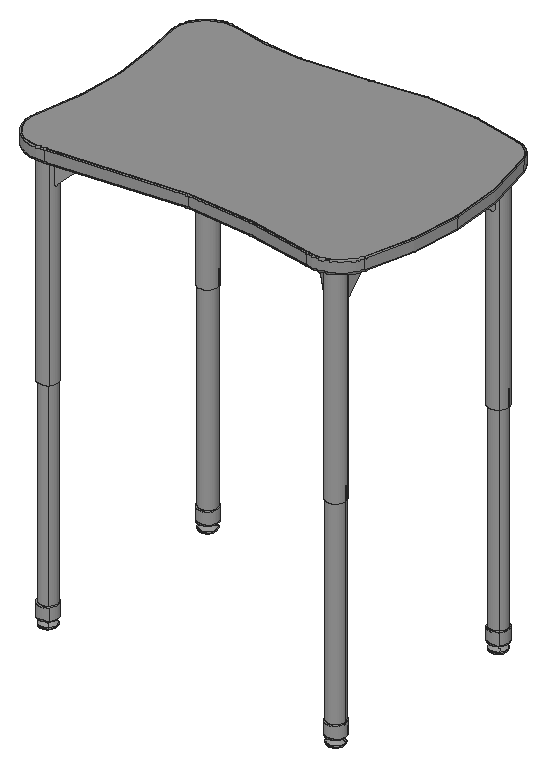
Revit family "Hierarchy Beluga Standard Desk - Standing Height", category Furniture, Revit 2018
Family settings
  Work Plane-Based = No
  Always vertical = Yes
  Cut with Voids When Loaded = No
  Shared = No
  Room Calculation Point = No
Parameters
  Surface = Hierarchy Beluga Desk Standard Standing Surface
  Leg Finish = Hierarchy Leg Platinum
  Height = 3' - 5"
  Edgeband = Hierarchy Beluga Desk Standard Standing Edgeband
  Casters/Gliders = Hierarchy Standing Leg - Glide : Hierarchy Standing Leg - Glide
Reference planes (in)
  plane 1 "Center (Front/Back)": y = 0
  plane 2: z = 0
  plane 3 "Center (Left/Right)": x = 0
  plane 4: z = 41
Dimensions and locks (in)
  "Height": plane 4 to level
  aligned and locked: plane 2 to level
  aligned and locked: nested 1 to plane 4
Nested families (in)
  nested 1: "Beluga Medium Tabletop" at (0, 0, 12.83068), type "Beluga Medium Tabletop"
  nested 2: "Hierarchy Standing Leg - Glide" at (-14.07723, 10.07218, 0) x (0.7166, 0.6975, 0) z (0, 0, 1), type <- "Casters/Gliders", Leg Finish <- "Leg Finish", Leg Height <- "Height", type "Hierarchy Standing Leg - Glide"
  nested 3: "Hierarchy Standing Leg - Glide" at (-14.27231, -8.66326, 0) x (-0.7071, 0.7071, 0) z (0, 0, 1), type <- "Casters/Gliders", Leg Finish <- "Leg Finish", Leg Height <- "Height", type "Hierarchy Standing Leg - Glide"
  nested 4: "Hierarchy Standing Leg - Glide" at (13.60932, -9.32872, 0) x (-0.8749, -0.4844, 0) z (0, 0, 1), Leg Finish <- "Leg Finish", Leg Height <- "Height", type "Hierarchy Standing Leg - Glide"
    with Leg Height 3' - 5", Leg Finish Hierarchy Leg Platinum
  nested 5: "Hierarchy Standing Leg - Glide" at (14.16725, 9.31424, 0) x (0.6975, -0.7166, 0) z (0, 0, 1), Leg Finish <- "Leg Finish", Leg Height <- "Height", type "Hierarchy Standing Leg - Glide"
    with Leg Height 3' - 5", Leg Finish Hierarchy Leg Platinum
Definition of nested family "Beluga Medium Tabletop"
  Parameters (values of type "Beluga Medium Tabletop")
    Surface = none
    Edgeband = none
  Reference planes (in)
    plane 1 "Center (Front/Back)": y = 0
    plane 2: z = 0
    plane 3 "Center (Left/Right)": x = 0
  Forms (in)
    Extrusion 1, solid, material <- "Surface"
      sketch origin (0, 0, 0) x (1, 0, 0) y (0, 1, 0)
        loop
          arc (-13.05798, 12.08168) -> (-15.64341, 11.36326) -> (-16.46477, 8.80867) r 2.82789
          line (-16.46477, 8.80867) -> (-15.88516, 5.68142)
          arc (-15.88516, 5.68142) -> (-15.40806, -0.79534) -> (-16.35239, -7.22063) r 29.65208
          arc (-16.35239, -7.22063) -> (-15.56424, -10.17848) -> (-12.64139, -11.08784) r 3.16705
          arc (-12.64139, -11.08784) -> (-6.35331, -10.12649) -> (0, -9.81097) r 62.33765
          arc (0, -9.81097) -> (6.2572, -10.16084) -> (12.43935, -11.18852) r 57.59241
          arc (12.43935, -11.18852) -> (14.6727, -10.8588) -> (16.1145, -9.12163) r 3.15622
          arc (16.1145, -9.12163) -> (17.2485, -4.62246) -> (17.65018, 0) r 28.9898
          arc (17.65018, 0) -> (17.26847, 4.97473) -> (16.06857, 9.81765) r 30.03763
          arc (16.06857, 9.81765) -> (15.33862, 10.95737) -> (14.16003, 11.62272) r 2.80546
          arc (14.16003, 11.62272) -> (7.04441, 12.69556) -> (-0.12141, 12.03676) r 29.89142
          arc (-0.12141, 12.03676) -> (-3.26921, 11.52773) -> (-6.45286, 11.34834) r 30.66359
          arc (-6.45286, 11.34834) -> (-9.7765, 11.52517) -> (-13.05798, 12.08168) r 28.99825
      from 28.16932 to 29.36932
    Sweep 2, solid, material <- "Edgeband"
      path origin (0, 0, 0) x (1, 0, 0) y (0, 1, 0)
        loop
          arc (-12.64139, -11.08784) -> (-6.35331, -10.12649) -> (0, -9.81097) r 62.33765
          arc (0, -9.81097) -> (6.2572, -10.16084) -> (12.43935, -11.18852) r 57.59241
          arc (12.43935, -11.18852) -> (14.6727, -10.8588) -> (16.1145, -9.12163) r 3.15622
          arc (16.1145, -9.12163) -> (17.2485, -4.62246) -> (17.65018, 0) r 28.9898
          arc (17.65018, 0) -> (17.26847, 4.97473) -> (16.06857, 9.81765) r 30.03763
          arc (16.06857, 9.81765) -> (15.33862, 10.95737) -> (14.16003, 11.62272) r 2.80546
          arc (14.16003, 11.62272) -> (7.04441, 12.69556) -> (-0.12141, 12.03676) r 29.89142
          arc (-0.12141, 12.03676) -> (-3.26921, 11.52773) -> (-6.45286, 11.34834) r 30.66359
          arc (-6.45286, 11.34834) -> (-9.7765, 11.52517) -> (-13.05798, 12.08168) r 28.99825
          arc (-13.05798, 12.08168) -> (-15.64341, 11.36326) -> (-16.46477, 8.80867) r 2.82789
          line (-16.46477, 8.80867) -> (-15.88516, 5.68142)
          arc (-15.88516, 5.68142) -> (-15.40806, -0.79534) -> (-16.35239, -7.22063) r 29.65208
          arc (-16.35239, -7.22063) -> (-15.56424, -10.17848) -> (-12.64139, -11.08784) r 3.16705
      profile origin (-6.35331, -10.12649, 0) x (-0.100496, 0.994938, 0) y (0, 0, 1)
        loop
          line (0, 28.16932) -> (0, 29.36932)
          arc (0, 29.36932) -> (-0.08278, 29.33503) -> (-0.11707, 29.25225) r 0.11707
          line (-0.11707, 29.25225) -> (-0.11707, 28.2864)
          arc (-0.11707, 28.2864) -> (-0.08278, 28.20361) -> (0, 28.16932) r 0.11707
  Dimensions and locks (in)
    aligned and locked: plane 2 to level
Definition of nested family "Hierarchy Standing Leg - Glide"
  Parameters (values of type "Hierarchy Standing Leg - Glide")
    Leg Finish [instance] = none
    Leg Height [instance] = 3' - 5"
  Reference planes (in)
    plane 1 "Center (Front/Back)": y = 0
    plane 2: z = 0
    plane 3 "Center (Left/Right)": x = 0
  Forms (in)
    Extrusion 1, solid
      sketch origin (-0.01562, 0, 0) x (1, 0, 0) y (0, 1, 0)
        loop
          circle (0.01563, 0) r 0.79147
      from 2 to 23.175
    Revolve 2, solid
      sketch origin (0, 0, 0) x (1, 0, 0) y (0, 0, 1)
        loop
          line (0, 2) -> (0, 0.74937) -> (0.84838, 0.74937)
          arc (0.84838, 0.74937) -> (0.89342, 0.76803) -> (0.91207, 0.81306) r 0.06369
          line (0.91207, 0.81306) -> (0.91207, 1.93631)
          arc (0.91207, 1.93631) -> (0.89342, 1.98134) -> (0.84838, 2) r 0.06369
          line (0.84838, 2) -> (0, 2)
        axis (0, 2) -> (0, 0.74937)
      angle from 0 to 360
    Revolve 3, solid
      sketch origin (0, 0, 0) x (1, 0, 0) y (0, 0, 1)
        loop
          line (0, 0.75) -> (0, 0) -> (0.74583, 0) -> (0.79147, 0.09013) -> (0.79147, 0.16241) -> (0.12474, 0.5) -> (0.12474, 0.75) -> (0, 0.75)
        axis (0, 0.75) -> (0, 0)
      angle from 0 to 360
  Dimensions and locks (in)
    "Leg Height": nested 1 to level
    aligned and locked: plane 2 to level
  Automatic sketch dimensions
    plane 1 "Center (Front/Back)" to Extrusion 1 sketch curve = 0' - 0"
    Extrusion 1 sketch curve to plane 3 "Center (Left/Right)" = 0' - 0"
    Revolve 2 sketch curve to plane 3 "Center (Left/Right)" = 0' - 0"  (x2)
    plane 3 "Center (Left/Right)" to Revolve 2 sketch curve = 0' - 0.84838"
    Revolve 2 sketch curve to Revolve 2 sketch curve = 0' - 0.84838"
    Revolve 2 sketch curve to Revolve 2 sketch curve = 0' - 0.06369"
    level to Revolve 2 sketch curve = 0' - 0.74937"
    Revolve 2 sketch curve to Revolve 2 sketch curve = 0' - 1.12324"
    Revolve 2 sketch curve to Revolve 2 sketch curve = 0' - 0.13731"
    Revolve 2 sketch curve to Revolve 2 sketch curve = 0' - 0 3/4"
    Revolve 3 sketch curve to plane 3 "Center (Left/Right)" = 0' - 0"  (x2)
    Revolve 3 sketch curve to level = 0' - 0"
    plane 3 "Center (Left/Right)" to Revolve 3 sketch curve = 0' - 0.12474"
    plane 3 "Center (Left/Right)" to Revolve 3 sketch curve = 0' - 0.74583"
    Revolve 3 sketch curve to Revolve 3 sketch curve = 0' - 0.04564"
    level to Revolve 3 sketch curve = 0' - 0.09013"
    Revolve 3 sketch curve to Revolve 3 sketch curve = 0' - 0.07228"
    level to Revolve 3 sketch curve = 0' - 0 1/2"
    Revolve 3 sketch curve to Revolve 3 sketch curve = 0' - 0 1/4"
    Revolve 3 sketch curve to level = 0' - 0 1/8"
    Revolve 3 sketch curve to Revolve 3 sketch curve = 0' - 0 1/8"
    radius of Extrusion 1 sketch curve = 0' - 0.79147"
  Nested families (in)
    nested 1: "Hierarchy Standing Upper Leg 2023" at (0, 0, 0.19983), Leg Finish <- "Leg Finish", type "Hierarchy Standing Upper Leg 2023"
      with Leg Finish none
  Definition of nested family "Hierarchy Standing Upper Leg 2023"
    Parameters (values of type "Hierarchy Standing Upper Leg 2023")
      Leg Finish [instance] = none
    Reference planes (in)
      plane 1 "Center (Front/Back)": y = 0
      plane 2: z = 0
      plane 3 "Center (Left/Right)": x = 0
    Forms (in)
      Extrusion 1, solid, material <- "Leg Finish"
        sketch origin (0, 0, 0) x (1, 0, 0) y (0, 1, 0)
          loop
            circle (0, 0) r 0.9129
        from 20.67418 to 40.67418
      Extrusion 2, solid, material <- "Leg Finish"
        sketch origin (0, 0, 12.998) x (1, 0, 0) y (0, 1, 0)
          loop
            line (-1.70174, 0.19183) -> (-3.96611, -4.49738)
            arc (-3.96611, -4.49738) -> (-3.91977, -5.33444) -> (-3.18615, -5.74016) r 0.86614
            line (-3.18615, -5.74016) -> (3.18615, -5.74016)
            arc (3.18615, -5.74016) -> (3.91977, -5.33444) -> (3.96611, -4.49738) r 0.86614
            line (3.96611, -4.49738) -> (1.70174, 0.19183)
            arc (1.70174, 0.19183) -> (0, 1.25984) -> (-1.70174, 0.19183) r 1.88976
        from 27.67618 to 27.80217
      Extrusion 3, solid, material <- "Leg Finish"
        sketch origin (12.41967, 1.58692, 0) x (0.434844, 0.900506, 0) y (0, 0, 1)
          loop
            arc (-12.68776, 40.67418) -> (-12.80559, 40.56418) -> (-12.70394, 40.43908) r 0.11811
            arc (-12.70394, 40.43908) -> (-9.98192, 39.53509) -> (-7.76426, 37.71614) r 7.87402
            arc (-7.76426, 37.71614) -> (-7.63344, 37.68136) -> (-7.55587, 37.79229) r 0.11811
            line (-7.55587, 37.79229) -> (-7.55587, 40.67418) -> (-12.68776, 40.67418)
        from -11.10976 to -10.98378
      Extrusion 4, solid, material <- "Leg Finish"
        sketch origin (-12.41967, 1.58692, 0) x (-0.434844, 0.900506, 0) y (0, 0, -1)
          loop
            line (-12.68776, -40.67418) -> (-7.55587, -40.67418) -> (-7.55587, -37.79229)
            arc (-7.55587, -37.79229) -> (-7.63344, -37.68136) -> (-7.76426, -37.71614) r 0.11811
            arc (-7.76426, -37.71614) -> (-9.98192, -39.53509) -> (-12.70394, -40.43908) r 7.87402
            arc (-12.70394, -40.43908) -> (-12.80559, -40.56418) -> (-12.68776, -40.67418) r 0.11811
        from -11.10976 to -10.98378
    Dimensions and locks (in)
      aligned and locked: plane 2 to level
